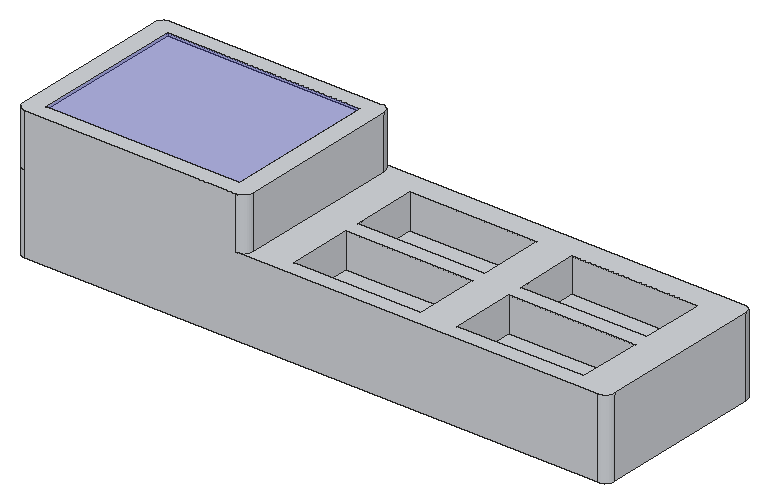
Revit family "Domotics-DomesticRanges-GEWISS-27COMBIDIN_SYSTEM-IP40_8M_16SY", category Apparecchi elettrici, host Superficie, Revit 2016
Family settings
  Host = Superficie
  Mantenere orientamento annotazione = No
  Tipo di parte = Normale
  Quota connettore circolare = Usa diametro
  Taglio con vuoti quando caricato = No
  Condiviso = No
  Punto di calcolo locali = No
Parameters (values of type "GW27073 - Enclosure 8mod.DIN+(4x4)mod. System")
  Version file RFA = "19.4"
  URL = "https://www.gewiss.com/ww/en"
  Type of knockout holes = "Removable with tool"
  Type of enclosure = "GP"
  Torque screws tightening = "0,8NM"
  Thermo-pressure with ball = "70 °C"
  Technical sheet = "https://www.gewiss.com/ww/en/search?q=GW27073"
  Standard; = "EN 60670-1 - EN 60670-24"
  Standard = "EN 60669-2-1"
  Shock resistance = "IK07"
  SEO = "Enclosure"
  Realized by GEWISS S.p.A. = ""
  Rated voltage: = "400V ac"
  Rated current (In) = "32A"
  Default Elevation = 1219.2 mm
  Profondità = 95 mm
  Produttore = "GEWISS S.p.A."
  Output contacts = "1NO 16 A (AC1) 250 V ac"
  Outer dim. LxHxD (mm) = "429x132x95"
  No. knockout holes Ã˜23 = "18 on sides / 2 on the bottom"
  No. knockout holes Ã˜ 23 = "18"
  No. SYSTEM modules = "16"
  No. DIN modules = "8"
  Modello = "GW27073"
  Lid screws = "Stainless steel"
  Larghezza = 429 mm
  Insulation voltage = "750V"
  Insulation class = "II"
  Installation temperature = "-25 +60 °C"
  Immagine tipo = GW27073.jpg
  IP degree = "IP40"
  IFC.TypeObject = ""
  IFC.ExportType = ""
  IFC.ExportAs = ""
  IDT = "6c31ff9f-37c3-42df-829d-006412dd97ed"
  IDF = "ce4d066f-44da-477c-8463-b113b2043b21"
  Glow Wire Test = "650°C"
  Electrocod = "0212"
  EAN code = "8011564055469"
  Door type = "Rigid"
  Door colour: = "Smoked Transparent"
  Dispersible power (W) = "18"
  Descrizione = "ENCLOSURE 8MOD.DIN+(4X4)MOD.SYSTEM"
  Configuration = "Module 4 x 4"
  Compartment pre-arrangement = "2"
  Colour = "Grey RAL 7035"
  Characteristics = "Halogen free"
  Catalogue Range = "27COMBI"
  Catalogue = "DOMOTICS"
  COBie.Tagnumber = ""
  COBie.CreatedOn = ""
  COBie.CreatebBy = ""
  COBie.ComponentRegisterItemID = ""
  COBie.Component.TagNumber = ""
  COBie.Component.Space = ""
  COBie.Component.SerialNumber = ""
  COBie.Component.InstallationDate = ""
  COBie.Component.Description = ""
  COBie.Component.BarCode = ""
  Altezza = 132 mm  # constant formula
Values of the unnamed type that differ from the named types
  Version file RFA = ""
  Type of knockout holes = ""
  Type of enclosure = ""
  Torque screws tightening = ""
  Thermo-pressure with ball = ""
  Technical sheet = ""
  Standard; = ""
  Standard = ""
  Shock resistance = ""
  SEO = ""
  Rated voltage: = ""
  Rated current (In) = ""
  Output contacts = ""
  Outer dim. LxHxD (mm) = ""
  No. knockout holes Ã˜23 = ""
  No. knockout holes Ã˜ 23 = ""
  No. SYSTEM modules = ""
  No. DIN modules = ""
  Lid screws = ""
  Insulation voltage = ""
  Insulation class = ""
  Installation temperature = ""
  IP degree = ""
  IDT = ""
  IDF = ""
  Glow Wire Test = ""
  Electrocod = ""
  EAN code = ""
  Door type = ""
  Door colour: = ""
  Dispersible power (W) = ""
  Configuration = ""
  Compartment pre-arrangement = ""
  Colour = ""
  Characteristics = ""
  Catalogue Range = ""
  Catalogue = ""
Reference planes
  plane 1 "Centro (Fronte/Retro)": y = 0
  plane 2: z = 0
  plane 3 "Centro (Sinistra/Destra)": x = 0
  plane 4 "Piano Allineamento Sportellino": z = 95
  plane 5: x = -2.56
  plane 6: z = 57.066
  plane 7: z = 32.066
  plane 8: z = 70
  plane 9: z = 93
  plane 10: x = 259.467
  plane 11: y = 66.019
  plane 12: y = -65.981
  plane 13: x = -169.533
  plane 14: x = -156.047
  plane 15: x = -155.047
  plane 16: x = -17.047
  plane 17: x = -16.047
  plane 18: y = 54.961
  plane 19: y = -53.961
  plane 20: y = -54.961
  plane 21: x = -16.047
  plane 22: x = -16.047
  plane 23: y = 53.961
  plane 24: x = 23.44
  plane 25: y = 2.72
  plane 26: y = -8.101
  plane 27: x = 115.44
  plane 28: x = 141.44
  plane 29: x = 233.44
Forms (mm)
  Extrusion 1, solid
    sketch origin (0, -451.03, 0) x (1, 0, 0) y (0, 1, 0)
      loop
        line (-9.56, 517.049) -> (-162.533, 517.049)
        arc (-162.533, 517.049) -> (-167.483, 514.999) -> (-169.533, 510.049) r 7
        line (-169.533, 510.049) -> (-169.533, 392.049)
        arc (-169.533, 392.049) -> (-167.483, 387.1) -> (-162.533, 385.049) r 7
        line (-162.533, 385.049) -> (-9.56, 385.049)
        arc (-9.56, 385.049) -> (-4.61, 387.1) -> (-2.56, 392.049) r 7
        line (-2.56, 392.049) -> (-2.56, 510.049)
        arc (-2.56, 510.049) -> (-4.61, 514.999) -> (-9.56, 517.049) r 7
    from 57.066 to 95
  Extrusion 2, solid
    sketch origin (0, 0, 0) x (1, 0, 0) y (0, 1, 0)
      loop
        line (-169.533, 59.019) -> (-169.533, -58.981)
        arc (-169.533, -58.981) -> (-167.483, -63.931) -> (-162.533, -65.981) r 7
        line (-162.533, -65.981) -> (252.467, -65.981)
        arc (252.467, -65.981) -> (257.417, -63.931) -> (259.467, -58.981) r 7
        line (259.467, -58.981) -> (259.467, 59.019)
        arc (259.467, 59.019) -> (257.417, 63.969) -> (252.467, 66.019) r 7
        line (252.467, 66.019) -> (-162.533, 66.019)
        arc (-162.533, 66.019) -> (-167.483, 63.969) -> (-169.533, 59.019) r 7
    from 0 to 57.066
  Extrusion 3, void
    sketch origin (4.989, -5.381, 0) x (1, 0, 0) y (0, 1, 0)
      loop
        line (110.451, -2.72) -> (18.451, -2.72) -> (18.451, -49.58) -> (110.451, -49.58) -> (110.451, -2.72)
    from 32.066 to 57.066
  Extrusion 4, void
    sketch origin (0, 0, 0) x (1, 0, 0) y (0, 1, 0)
      loop
        line (-155.047, 53.961) -> (-155.047, -53.961) -> (-17.047, -53.961) -> (-17.047, 53.961) -> (-155.047, 53.961)
    from 70 to 93
  Extrusion 5, void
    sketch origin (0, 0, 0) x (1, 0, 0) y (0, 1, 0)
      loop
        line (-16.047, 54.961) -> (-156.047, 54.961) -> (-156.047, -54.961) -> (-16.047, -54.961) -> (-16.047, 54.961)
    from 93 to 95
  Extrusion 6, solid, material "GEWISS Sportellino"
    sketch origin (0, 0, 0) x (1, 0, 0) y (0, 1, 0)
      loop
        line (-16.047, 54.961) -> (-156.047, 54.961) -> (-156.047, -54.961) -> (-16.047, -54.961) -> (-16.047, 54.961)
    from 93 to 95
  Extrusion 7, void
    sketch origin (154.989, -5.381, 0) x (1, 0, 0) y (0, 1, 0)
      loop
        line (78.278, -2.72) -> (-13.549, -2.72) -> (-13.549, -49.58) -> (78.278, -49.58) -> (78.278, -2.72)
    from 32.066 to 57.066
  Extrusion 8, void
    sketch origin (4.989, 52.299, 0) x (1, 0, 0) y (0, 1, 0)
      loop
        line (110.451, -2.72) -> (18.451, -2.72) -> (18.451, -49.58) -> (110.451, -49.58) -> (110.451, -2.72)
    from 32.066 to 57.066
  Extrusion 9, void
    sketch origin (154.989, 52.299, 0) x (1, 0, 0) y (0, 1, 0)
      loop
        line (78.278, -2.72) -> (-13.549, -2.72) -> (-13.549, -49.58) -> (78.278, -49.58) -> (78.278, -2.72)
    from 32.066 to 57.066
Cuts and joins
  Extrusion 5, Extrusion 7, Extrusion 8, Extrusion 9 cuts Extrusion 1
  Extrusion 3, Extrusion 4, Extrusion 7, Extrusion 8, Extrusion 9 cuts Extrusion 2
  joined: Extrusion 1, Extrusion 2
Lines and regions (mm)
  Filled region 1, type "GW27071Q.DXF-1", in view "Livello rif."
    outline origin (0, 0, 0) x (1, 0, 0) y (0, 1, 0)
      loop
        line (454.935, -29.653) -> (455.769, -34.653) -> (456.602, -29.653) -> (454.935, -29.653)
  Filled region 2, type "GW27071Q.DXF-1", in view "Livello rif."
    outline origin (0, 0, 0) x (1, 0, 0) y (0, 1, 0)
      loop
        line (454.935, 92.347) -> (456.602, 92.347) -> (455.769, 97.347) -> (454.935, 92.347)
  Filled region 3, type "GW27071Q.DXF-1", in view "Livello rif."
    outline origin (0, 0, 0) x (1, 0, 0) y (0, 1, 0)
      loop
        line (299.985, -59.146) -> (294.985, -59.979) -> (299.985, -60.812) -> (299.985, -59.146)
  Filled region 4, type "GW27071Q.DXF-1", in view "Livello rif."
    outline origin (0, 0, 0) x (1, 0, 0) y (0, 1, 0)
      loop
        line (421.985, -59.146) -> (421.985, -60.812) -> (426.985, -59.979) -> (421.985, -59.146)
  Filled region 5, type "GW27071Q.DXF-1", in view "Livello rif."
    outline origin (0, 0, 0) x (1, 0, 0) y (0, 1, 0)
      loop
        line (314.381, 113.489) -> (309.381, 112.656) -> (314.381, 111.823) -> (314.381, 113.489)
  Filled region 6, type "GW27071Q.DXF-1", in view "Livello rif."
    outline origin (0, 0, 0) x (1, 0, 0) y (0, 1, 0)
      loop
        line (339.381, 113.489) -> (339.381, 111.823) -> (344.381, 112.656) -> (339.381, 113.489)
  Filled region 7, type "GW27071Q.DXF-1", in view "Livello rif."
    outline origin (0, 0, 0) x (1, 0, 0) y (0, 1, 0)
      loop
        line (443.289, 75.924) -> (444.956, 75.924) -> (444.123, 80.924) -> (443.289, 75.924)
  Filled region 8, type "GW27071Q.DXF-1", in view "Livello rif."
    outline origin (0, 0, 0) x (1, 0, 0) y (0, 1, 0)
      loop
        line (443.289, -12.076) -> (444.123, -17.076) -> (444.956, -12.076) -> (443.289, -12.076)
  Filled region 9, type "GW27071Q.DXF-1", in view "Livello rif."
    outline origin (0, 0, 0) x (1, 0, 0) y (0, 1, 0)
      loop
        line (310.985, -49.734) -> (305.985, -50.567) -> (310.985, -51.4) -> (310.985, -49.734)
  Filled region 10, type "GW27071Q.DXF-1", in view "Livello rif."
    outline origin (0, 0, 0) x (1, 0, 0) y (0, 1, 0)
      loop
        line (410.985, -49.734) -> (410.985, -51.4) -> (415.985, -50.567) -> (410.985, -49.734)
  Filled region 11, type "GW27071Q.DXF-1", in view "Livello rif."
    outline origin (0, 0, 0) x (1, 0, 0) y (0, 1, 0)
      loop
        line (247.574, 133.277) -> (247.574, 131.611) -> (252.574, 132.444) -> (247.574, 133.277)
  Filled region 12, type "GW27071Q.DXF-1", in view "Livello rif."
    outline origin (0, 0, 0) x (1, 0, 0) y (0, 1, 0)
      loop
        line (34.505, 133.277) -> (29.505, 132.444) -> (34.505, 131.611) -> (34.505, 133.277)
  Filled region 13, type "GW27071Q.DXF-1", in view "Livello rif."
    outline origin (0, 0, 0) x (1, 0, 0) y (0, 1, 0)
      loop
        line (34.505, 116.721) -> (29.505, 115.888) -> (34.505, 115.054) -> (34.505, 116.721)
  Filled region 14, type "GW27071Q.DXF-1", in view "Livello rif."
    outline origin (0, 0, 0) x (1, 0, 0) y (0, 1, 0)
      loop
        line (54.505, 116.721) -> (54.505, 115.054) -> (59.505, 115.888) -> (54.505, 116.721)
  Filled region 15, type "GW27071Q.DXF-1", in view "Livello rif."
    outline origin (0, 0, 0) x (1, 0, 0) y (0, 1, 0)
      loop
        line (64.505, 116.721) -> (59.505, 115.888) -> (64.505, 115.054) -> (64.505, 116.721)
  Filled region 16, type "GW27071Q.DXF-1", in view "Livello rif."
    outline origin (0, 0, 0) x (1, 0, 0) y (0, 1, 0)
      loop
        line (247.574, 116.721) -> (247.574, 115.054) -> (252.574, 115.888) -> (247.574, 116.721)
  Filled region 17, type "GW27071Q.DXF-1", in view "Livello rif."
    outline origin (0, 0, 0) x (1, 0, 0) y (0, 1, 0)
      loop
        line (228.678, -62.533) -> (228.678, -64.2) -> (233.678, -63.366) -> (228.678, -62.533)
  Filled region 18, type "GW27071Q.DXF-1", in view "Livello rif."
    outline origin (0, 0, 0) x (1, 0, 0) y (0, 1, 0)
      loop
        line (35.009, -62.533) -> (30.009, -63.366) -> (35.009, -64.2) -> (35.009, -62.533)
  Filled region 19, type "GW27071Q.DXF-1", in view "Livello rif."
    outline origin (0, 0, 0) x (1, 0, 0) y (0, 1, 0)
      loop
        line (228.678, -45.003) -> (228.678, -46.67) -> (233.678, -45.836) -> (228.678, -45.003)
  Filled region 20, type "GW27071Q.DXF-1", in view "Livello rif."
    outline origin (0, 0, 0) x (1, 0, 0) y (0, 1, 0)
      loop
        line (59.209, -45.003) -> (54.209, -45.836) -> (59.209, -46.67) -> (59.209, -45.003)
  Filled region 21, type "GW27071Q.DXF-1", in view "Livello rif."
    outline origin (0, 0, 0) x (1, 0, 0) y (0, 1, 0)
      loop
        line (238.678, -44.823) -> (233.678, -45.656) -> (238.678, -46.49) -> (238.678, -44.823)
  Filled region 22, type "GW27071Q.DXF-1", in view "Livello rif."
    outline origin (0, 0, 0) x (1, 0, 0) y (0, 1, 0)
      loop
        line (246.278, -44.823) -> (246.278, -46.49) -> (251.278, -45.656) -> (246.278, -44.823)
  Filled region 23, type "GW27071Q.DXF-1", in view "Livello rif."
    outline origin (0, 0, 0) x (1, 0, 0) y (0, 1, 0)
      loop
        line (406.797, 109.74) -> (406.797, 108.073) -> (411.797, 108.907) -> (406.797, 109.74)
  Filled region 24, type "GW27071Q.DXF-1", in view "Livello rif."
    outline origin (0, 0, 0) x (1, 0, 0) y (0, 1, 0)
      loop
        line (370.797, 109.74) -> (365.797, 108.907) -> (370.797, 108.073) -> (370.797, 109.74)
  Filled region 25, type "GW27071Q.DXF-1", in view "Sinistra"
    outline origin (0, 0, 0) x (0, -1, 0) y (0, 0, 1)
      loop
        line (101.84, 5) -> (100.174, 5) -> (101.007, 0) -> (101.84, 5)
  Filled region 26, type "GW27071Q.DXF-1", in view "Sinistra"
    outline origin (0, 0, 0) x (0, -1, 0) y (0, 0, 1)
      loop
        line (101.84, 90) -> (101.007, 95) -> (100.174, 90) -> (101.84, 90)
  Filled region 27, type "GW27071Q.DXF-1", in view "Sinistra"
    outline origin (0, 0, 0) x (0, -1, 0) y (0, 0, 1)
      loop
        line (85.284, 90) -> (84.451, 95) -> (83.617, 90) -> (85.284, 90)
  Filled region 28, type "GW27071Q.DXF-1", in view "Sinistra"
    outline origin (0, 0, 0) x (0, -1, 0) y (0, 0, 1)
      loop
        line (85.284, 70) -> (83.617, 70) -> (84.451, 65) -> (85.284, 70)
  Filled region 29, type "GW27071Q.DXF-1", in view "Sinistra"
    outline origin (0, 0, 0) x (0, -1, 0) y (0, 0, 1)
      loop
        line (85.284, 60) -> (84.451, 65) -> (83.617, 60) -> (85.284, 60)
  Filled region 30, type "GW27071Q.DXF-1", in view "Sinistra"
    outline origin (0, 0, 0) x (0, -1, 0) y (0, 0, 1)
      loop
        line (85.284, 5) -> (83.617, 5) -> (84.451, 0) -> (85.284, 5)
  Filled region 31, type "GW27071Q.DXF-1", in view "Sinistra"
    outline origin (0, 0, 0) x (0, -1, 0) y (0, 0, 1)
      loop
        line (-93.97, 23.896) -> (-95.637, 23.896) -> (-94.803, 18.896) -> (-93.97, 23.896)
  Filled region 32, type "GW27071Q.DXF-1", in view "Sinistra"
    outline origin (0, 0, 0) x (0, -1, 0) y (0, 0, 1)
      loop
        line (-93.97, 89.496) -> (-94.803, 94.496) -> (-95.637, 89.496) -> (-93.97, 89.496)
  Filled region 33, type "GW27071Q.DXF-1", in view "Sinistra"
    outline origin (0, 0, 0) x (0, -1, 0) y (0, 0, 1)
      loop
        line (-76.44, 23.896) -> (-78.107, 23.896) -> (-77.273, 18.896) -> (-76.44, 23.896)
  Filled region 34, type "GW27071Q.DXF-1", in view "Sinistra"
    outline origin (0, 0, 0) x (0, -1, 0) y (0, 0, 1)
      loop
        line (-76.44, 65.296) -> (-77.273, 70.296) -> (-78.107, 65.296) -> (-76.44, 65.296)
  Filled region 35, type "GW27071Q.DXF-1", in view "Sinistra"
    outline origin (0, 0, 0) x (0, -1, 0) y (0, 0, 1)
      loop
        line (-76.26, 58.896) -> (-77.927, 58.896) -> (-77.093, 18.896) -> (-76.26, 58.896)
  Filled region 36, type "GW27071Q.DXF-1", in view "Sinistra"
    outline origin (0, 0, 0) x (0, -1, 0) y (0, 0, 1)
      loop
        line (-76.26, 51.296) -> (-77.927, 51.296) -> (-77.093, 1.296) -> (-76.26, 51.296)
  Filled region 37, type "GW27071Q.DXF-1", in view "Sinistra", not visible
    outline origin (0, 0, 0) x (0, -1, 0) y (0, 0, 1)
      loop
        line (295.687, 963.746) -> (295.687, 962.08) -> (300.687, 962.913) -> (295.687, 963.746)
  Filled region 38, type "GW27071Q.DXF-1", in view "Sinistra", not visible
    outline origin (0, 0, 0) x (0, -1, 0) y (0, 0, 1)
      loop
        line (210.687, 963.746) -> (205.687, 962.913) -> (210.687, 962.08) -> (210.687, 963.746)
  Filled region 39, type "GW27071Q.DXF-1", in view "Sinistra", not visible
    outline origin (0, 0, 0) x (0, -1, 0) y (0, 0, 1)
      loop
        line (210.687, 947.19) -> (205.687, 946.356) -> (210.687, 945.523) -> (210.687, 947.19)
  Filled region 40, type "GW27071Q.DXF-1", in view "Sinistra", not visible
    outline origin (0, 0, 0) x (0, -1, 0) y (0, 0, 1)
      loop
        line (230.687, 947.19) -> (230.687, 945.523) -> (235.687, 946.356) -> (230.687, 947.19)
  Filled region 41, type "GW27071Q.DXF-1", in view "Sinistra", not visible
    outline origin (0, 0, 0) x (0, -1, 0) y (0, 0, 1)
      loop
        line (240.687, 947.19) -> (235.687, 946.356) -> (240.687, 945.523) -> (240.687, 947.19)
  Filled region 42, type "GW27071Q.DXF-1", in view "Sinistra", not visible
    outline origin (0, 0, 0) x (0, -1, 0) y (0, 0, 1)
      loop
        line (295.687, 947.19) -> (295.687, 945.523) -> (300.687, 946.356) -> (295.687, 947.19)
  Filled region 43, type "GW27071Q.DXF-1", in view "Sinistra", not visible
    outline origin (0, 0, 0) x (0, -1, 0) y (0, 0, 1)
      loop
        line (276.791, 767.936) -> (276.791, 766.269) -> (281.791, 767.103) -> (276.791, 767.936)
  Filled region 44, type "GW27071Q.DXF-1", in view "Sinistra", not visible
    outline origin (0, 0, 0) x (0, -1, 0) y (0, 0, 1)
      loop
        line (211.191, 767.936) -> (206.191, 767.103) -> (211.191, 766.269) -> (211.191, 767.936)
  Filled region 45, type "GW27071Q.DXF-1", in view "Sinistra", not visible
    outline origin (0, 0, 0) x (0, -1, 0) y (0, 0, 1)
      loop
        line (276.791, 785.466) -> (276.791, 783.799) -> (281.791, 784.632) -> (276.791, 785.466)
  Filled region 46, type "GW27071Q.DXF-1", in view "Sinistra", not visible
    outline origin (0, 0, 0) x (0, -1, 0) y (0, 0, 1)
      loop
        line (235.391, 785.466) -> (230.391, 784.632) -> (235.391, 783.799) -> (235.391, 785.466)
  Filled region 47, type "GW27071Q.DXF-1", in view "Sinistra", not visible
    outline origin (0, 0, 0) x (0, -1, 0) y (0, 0, 1)
      loop
        line (286.791, 785.646) -> (281.791, 784.812) -> (286.791, 783.979) -> (286.791, 785.646)
  Filled region 48, type "GW27071Q.DXF-1", in view "Sinistra", not visible
    outline origin (0, 0, 0) x (0, -1, 0) y (0, 0, 1)
      loop
        line (294.391, 785.646) -> (294.391, 783.979) -> (299.391, 784.812) -> (294.391, 785.646)
  model lines, not visible
    curve 1: arc (276.741, -20.994, 0) -> (277.939, -18.365, 0) -> (277.918, -15.476, 0) r 6.7
    curve 2: arc (264.087, -16.92, 0) -> (264.693, -19.757, 0) -> (266.434, -22.078, 0) r 6.754
    curve 3: arc (268.608, -16.92, 0) -> (269.839, -19.067, 0) -> (272.314, -19.095, 0) r 2.493
    curve 4: arc (268.969, -24.605, 0) -> (271.825, -24.886, 0) -> (274.574, -24.062, 0) r 7.427
    curve 5: arc (276.741, -12.853, 0) -> (274.6, -10.93, 0) -> (271.859, -10.052, 0) r 6.874
    curve 6: arc (268.969, -10.326, 0) -> (266.449, -11.778, 0) -> (264.721, -14.118, 0) r 7.102
    curve 7: arc (273.578, -16.92, 0) -> (272.344, -14.78, 0) -> (269.874, -14.755, 0) r 2.491
    curve 8: arc (268.969, -24.605, 0) -> (271.82, -24.986, 0) -> (274.546, -24.065, 0) r 6.329
    curve 9: arc (272.314, 81.969, 0) -> (269.839, 81.941, 0) -> (268.608, 79.794, 0) r 2.493
    curve 10: arc (274.574, 86.936, 0) -> (271.825, 87.76, 0) -> (268.969, 87.479, 0) r 7.427
    curve 11: arc (274.546, 86.939, 0) -> (271.82, 87.86, 0) -> (268.969, 87.479, 0) r 6.329
    curve 12: arc (266.434, 84.952, 0) -> (264.693, 82.631, 0) -> (264.087, 79.794, 0) r 6.754
    curve 13: arc (264.721, 76.992, 0) -> (266.449, 74.652, 0) -> (268.969, 73.2, 0) r 7.102
    curve 14: arc (277.918, 78.35, 0) -> (277.939, 81.239, 0) -> (276.741, 83.868, 0) r 6.7
    curve 15: arc (269.874, 77.629, 0) -> (272.344, 77.654, 0) -> (273.578, 79.794, 0) r 2.491
    curve 16: arc (271.859, 72.926, 0) -> (274.6, 73.804, 0) -> (276.741, 75.727, 0) r 6.874
    curve 17: arc (159.373, -19.095, 0) -> (161.848, -19.067, 0) -> (163.079, -16.92, 0) r 2.493
    curve 18: arc (157.113, -24.062, 0) -> (159.862, -24.886, 0) -> (162.719, -24.605, 0) r 7.427
    curve 19: arc (157.142, -24.065, 0) -> (159.867, -24.986, 0) -> (162.719, -24.605, 0) r 6.329
    curve 20: arc (165.253, -22.078, 0) -> (166.994, -19.757, 0) -> (167.601, -16.92, 0) r 6.754
    curve 21: arc (166.966, -14.118, 0) -> (165.239, -11.778, 0) -> (162.719, -10.326, 0) r 7.102
    curve 22: arc (153.769, -15.476, 0) -> (153.748, -18.365, 0) -> (154.946, -20.994, 0) r 6.7
    curve 23: arc (161.813, -14.755, 0) -> (159.343, -14.78, 0) -> (158.11, -16.92, 0) r 2.491
    curve 24: arc (159.828, -10.052, 0) -> (157.087, -10.93, 0) -> (154.946, -12.853, 0) r 6.874
    curve 25: arc (154.946, 75.727, 0) -> (157.087, 73.804, 0) -> (159.828, 72.926, 0) r 6.874
    curve 26: arc (162.719, 73.2, 0) -> (165.239, 74.652, 0) -> (166.966, 76.992, 0) r 7.102
    curve 27: arc (162.719, 87.479, 0) -> (159.867, 87.86, 0) -> (157.142, 86.939, 0) r 6.329
    curve 28: arc (162.719, 87.479, 0) -> (159.862, 87.76, 0) -> (157.113, 86.936, 0) r 7.427
    curve 29: arc (163.079, 79.794, 0) -> (161.848, 81.941, 0) -> (159.373, 81.969, 0) r 2.493
    curve 30: arc (167.601, 79.794, 0) -> (166.994, 82.631, 0) -> (165.253, 84.952, 0) r 6.754
    curve 31: arc (158.11, 79.794, 0) -> (159.343, 77.654, 0) -> (161.813, 77.629, 0) r 2.491
    curve 32: arc (154.946, 83.868, 0) -> (153.748, 81.239, 0) -> (153.769, 78.35, 0) r 6.7
    curve 33: line (266.434, -22.078, 0) -> (264.087, -16.92, 0)
    curve 34: line (277.918, -15.476, 0) -> (276.741, -20.994, 0)
    curve 35: line (272.314, -19.095, 0) -> (268.608, -16.92, 0)
    curve 36: line (274.574, -24.062, 0) -> (268.969, -24.605, 0)
    curve 37: line (271.859, -10.052, 0) -> (276.741, -12.853, 0)
    curve 38: line (264.721, -14.118, 0) -> (268.969, -10.326, 0)
    curve 39: line (269.874, -14.755, 0) -> (273.578, -16.92, 0)
    curve 40: line (272.314, 81.969, 0) -> (268.608, 79.794, 0)
    curve 41: line (274.574, 86.936, 0) -> (268.969, 87.479, 0)
    curve 42: line (266.434, 84.952, 0) -> (264.087, 79.794, 0)
    curve 43: line (264.721, 76.992, 0) -> (268.969, 73.2, 0)
    curve 44: line (277.918, 78.35, 0) -> (276.741, 83.868, 0)
    curve 45: line (269.874, 77.629, 0) -> (273.578, 79.794, 0)
    curve 46: line (271.859, 72.926, 0) -> (276.741, 75.727, 0)
    curve 47: line (159.373, -19.095, 0) -> (163.079, -16.92, 0)
    curve 48: line (157.113, -24.062, 0) -> (162.719, -24.605, 0)
    curve 49: line (165.253, -22.078, 0) -> (167.601, -16.92, 0)
    curve 50: line (166.966, -14.118, 0) -> (162.719, -10.326, 0)
    curve 51: line (153.769, -15.476, 0) -> (154.946, -20.994, 0)
    curve 52: line (161.813, -14.755, 0) -> (158.11, -16.92, 0)
    curve 53: line (159.828, -10.052, 0) -> (154.946, -12.853, 0)
    curve 54: line (159.828, 72.926, 0) -> (154.946, 75.727, 0)
    curve 55: line (166.966, 76.992, 0) -> (162.719, 73.2, 0)
    curve 56: line (157.142, 86.939, 0) -> (162.719, 87.479, 0)
    curve 57: line (159.373, 81.969, 0) -> (163.079, 79.794, 0)
    curve 58: line (165.253, 84.952, 0) -> (167.601, 79.794, 0)
    curve 59: line (161.813, 77.629, 0) -> (158.11, 79.794, 0)
    curve 60: line (153.769, 78.35, 0) -> (154.946, 83.868, 0)
    curve 61: line (202.275, 95.384, 0) -> (202.275, 85.351, 0)
    curve 62: line (207.021, 90.368, 0) -> (197.53, 90.368, 0)
    curve 63: line (202.275, -32.51, 0) -> (202.275, -22.477, 0)
    curve 64: line (207.021, -27.493, 0) -> (197.53, -27.493, 0)
    curve 65: line (275.615, -32.51, 0) -> (275.615, -22.477, 0)
    curve 66: line (280.356, -27.498, 0) -> (270.845, -27.498, 0)
    curve 67: line (275.615, 95.384, 0) -> (275.615, 85.351, 0)
    curve 68: line (280.356, 90.372, 0) -> (270.865, 90.372, 0)
    curve 69: line (156.072, -32.51, 0) -> (156.072, -22.477, 0)
    curve 70: line (151.331, -27.498, 0) -> (160.845, -27.498, 0)
    curve 71: line (156.072, 95.384, 0) -> (156.072, 85.351, 0)
    curve 72: line (151.331, 90.372, 0) -> (160.822, 90.372, 0)
    curve 73: line (289.744, 31.437, 0) -> (142.831, 31.437, 0)
    curve 74: arc (156.804, 97.456, 0) -> (151.809, 95.377, 0) -> (149.765, 90.368, 0) r 7.039
    curve 75: arc (195.602, -22.524, 0) -> (181.766, -8.688, 0) -> (167.931, -22.524, 0) r 13.836
    curve 76: arc (196.241, -22.524, 0) -> (198.363, -21.645, 0) -> (199.241, -19.524, 0) r 3
    curve 77: arc (199.241, 82.398, 0) -> (198.363, 84.519, 0) -> (196.241, 85.398, 0) r 3
    curve 78: circle (202.275, 90.368, 0) r 2.983 normal (0, 0, 1)
    curve 79: circle (202.275, -27.493, 0) r 2.983 normal (0, 0, 1)
    curve 80: arc (213.717, 90.368, 0) -> (211.673, 95.377, 0) -> (206.678, 97.456, 0) r 7.039
    curve 81: arc (149.765, -27.493, 0) -> (151.559, -32.237, 0) -> (156.075, -34.544, 0) r 7.039
    curve 82: arc (206.678, -34.582, 0) -> (211.673, -32.503, 0) -> (213.717, -27.493, 0) r 7.039
    curve 83: arc (281.922, 90.368, 0) -> (279.878, 95.377, 0) -> (274.883, 97.456, 0) r 7.039
    curve 84: arc (274.883, -34.582, 0) -> (279.878, -32.503, 0) -> (281.922, -27.493, 0) r 7.039
    curve 85: arc (222.657, 27.687, 0) -> (221.243, 27.101, 0) -> (220.657, 25.687, 0) r 2
    curve 86: arc (266.657, 25.687, 0) -> (266.072, 27.101, 0) -> (264.657, 27.687, 0) r 2
    curve 87: arc (266.657, 22.687, 0) -> (266.072, 24.101, 0) -> (264.657, 24.687, 0) r 2
    curve 88: arc (264.657, -20.313, 0) -> (266.072, -19.727, 0) -> (266.657, -18.313, 0) r 2
    curve 89: arc (220.657, -18.313, 0) -> (221.243, -19.727, 0) -> (222.657, -20.313, 0) r 2
    curve 90: arc (244.109, -18.327, 0) -> (244.648, -19.498, 0) -> (245.647, -20.313, 0) r 2.858
    curve 91: arc (241.574, -20.313, 0) -> (242.573, -19.498, 0) -> (243.112, -18.327, 0) r 2.858
    curve 92: arc (222.657, 24.687, 0) -> (221.243, 24.101, 0) -> (220.657, 22.687, 0) r 2
    curve 93: arc (243.112, 22.701, 0) -> (242.573, 23.872, 0) -> (241.574, 24.687, 0) r 2.858
    curve 94: arc (245.647, 24.687, 0) -> (244.648, 23.872, 0) -> (244.109, 22.701, 0) r 2.858
    curve 95: arc (220.657, 37.187, 0) -> (221.243, 35.773, 0) -> (222.657, 35.187, 0) r 2
    curve 96: arc (222.657, 80.187, 0) -> (221.243, 79.601, 0) -> (220.657, 78.187, 0) r 2
    curve 97: arc (222.657, 83.187, 0) -> (221.243, 82.601, 0) -> (220.657, 81.187, 0) r 2
    curve 98: circle (275.611, -27.498, 0) r 2.983 normal (0, 0, 1)
    curve 99: circle (275.611, 90.372, 0) r 2.983 normal (0, 0, 1)
    curve 100: arc (241.574, 35.187, 0) -> (242.573, 36.002, 0) -> (243.112, 37.173, 0) r 2.858
    curve 101: arc (244.109, 37.173, 0) -> (244.648, 36.002, 0) -> (245.647, 35.187, 0) r 2.858
    curve 102: arc (245.647, 80.187, 0) -> (244.648, 79.372, 0) -> (244.109, 78.201, 0) r 2.858
    curve 103: arc (243.112, 78.201, 0) -> (242.573, 79.372, 0) -> (241.574, 80.187, 0) r 2.858
    curve 104: arc (264.657, 35.187, 0) -> (266.072, 35.773, 0) -> (266.657, 37.187, 0) r 2
    curve 105: arc (266.657, 78.187, 0) -> (266.072, 79.601, 0) -> (264.657, 80.187, 0) r 2
    curve 106: arc (266.657, 81.187, 0) -> (266.072, 82.601, 0) -> (264.657, 83.187, 0) r 2
    curve 107: circle (156.077, -27.498, 0) r 2.983 normal (0, 0, 1)
    curve 108: arc (164.241, -19.524, 0) -> (165.12, -21.645, 0) -> (167.241, -22.524, 0) r 3
    curve 109: circle (156.077, 90.372, 0) r 2.983 normal (0, 0, 1)
    curve 110: arc (167.241, 85.398, 0) -> (165.12, 84.519, 0) -> (164.241, 82.398, 0) r 3
    curve 111: line (281.845, -27.493, 0) -> (281.845, 90.368, 0)
    curve 112: line (275.613, -34.544, 0) -> (156.075, -34.544, 0)
    curve 113: line (149.755, 90.368, 0) -> (149.755, -27.493, 0)
    curve 114: line (213.728, 90.368, 0) -> (213.728, -27.493, 0)
    curve 115: line (196.241, -22.524, 0) -> (167.241, -22.524, 0)
    curve 116: line (167.241, 85.398, 0) -> (196.241, 85.398, 0)
    curve 117: line (164.241, -19.524, 0) -> (164.241, 82.398, 0)
    curve 118: line (188.195, -2.552, 0) -> (193.792, -2.552, 0)
    curve 119: line (188.195, 8.478, 0) -> (193.792, 8.478, 0)
    curve 120: line (199.241, -19.524, 0) -> (199.241, 82.398, 0)
    curve 121: line (164.241, 65.427, 0) -> (199.241, 65.427, 0)
    curve 122: line (164.241, 54.396, 0) -> (199.241, 54.396, 0)
    curve 123: line (164.241, 8.478, 0) -> (199.241, 8.478, 0)
    curve 124: line (164.241, -2.552, 0) -> (199.241, -2.552, 0)
    curve 125: line (164.241, -15.562, 0) -> (199.241, -15.562, 0)
    curve 126: line (200.141, 92.451, 0) -> (204.41, 88.284, 0)
    curve 127: line (200.141, -29.577, 0) -> (204.41, -25.41, 0)
    curve 128: line (274.883, 97.456, 0) -> (156.804, 97.456, 0)
    curve 129: line (220.657, -18.313, 0) -> (220.657, 24.687, 0)
    curve 130: line (220.657, 24.687, 0) -> (220.657, 25.687, 0)
    curve 131: line (266.657, 25.687, 0) -> (266.657, -18.313, 0)
    curve 132: line (225.668, -20.313, 0) -> (225.668, -18.327, 0)
    curve 133: line (225.668, -18.327, 0) -> (239.681, -18.327, 0)
    curve 134: line (239.681, -18.327, 0) -> (239.681, -20.313, 0)
    curve 135: line (264.657, -20.313, 0) -> (222.657, -20.313, 0)
    curve 136: line (247.634, -20.313, 0) -> (247.634, -18.327, 0)
    curve 137: line (247.634, -18.327, 0) -> (261.647, -18.327, 0)
    curve 138: line (261.647, -18.327, 0) -> (261.647, -20.313, 0)
    curve 139: line (243.112, -18.327, 0) -> (244.109, -18.327, 0)
    curve 140: line (244.109, -18.327, 0) -> (243.112, -18.327, 0)
    curve 141: line (225.668, 24.687, 0) -> (225.668, 22.701, 0)
    curve 142: line (225.668, 22.701, 0) -> (239.681, 22.701, 0)
    curve 143: line (239.681, 22.701, 0) -> (239.681, 24.687, 0)
    curve 144: line (222.657, 24.687, 0) -> (264.657, 24.687, 0)
    curve 145: line (247.634, 24.687, 0) -> (247.634, 22.701, 0)
    curve 146: line (247.634, 22.701, 0) -> (261.647, 22.701, 0)
    curve 147: line (261.647, 22.701, 0) -> (261.647, 24.687, 0)
    curve 148: line (243.112, 22.701, 0) -> (244.109, 22.701, 0)
    curve 149: line (244.109, 22.701, 0) -> (243.112, 22.701, 0)
    curve 150: line (220.657, 37.187, 0) -> (220.657, 80.187, 0)
    curve 151: line (220.657, 80.187, 0) -> (220.657, 81.187, 0)
    curve 152: line (222.657, 27.687, 0) -> (264.657, 27.687, 0)
    curve 153: line (222.657, 35.187, 0) -> (264.657, 35.187, 0)
    curve 154: line (264.657, 35.187, 0) -> (222.657, 35.187, 0)
    curve 155: line (264.657, 80.187, 0) -> (222.657, 80.187, 0)
    curve 156: line (222.657, 80.187, 0) -> (264.657, 80.187, 0)
    curve 157: line (273.476, -29.582, 0) -> (277.745, -25.414, 0)
    curve 158: line (273.476, 92.456, 0) -> (277.745, 88.288, 0)
    curve 159: line (247.634, 80.187, 0) -> (247.634, 78.201, 0)
    curve 160: line (247.634, 78.201, 0) -> (261.647, 78.201, 0)
    curve 161: line (261.647, 78.201, 0) -> (261.647, 80.187, 0)
    curve 162: line (222.657, 83.187, 0) -> (264.657, 83.187, 0)
    curve 163: line (247.634, 35.187, 0) -> (247.634, 37.173, 0)
    curve 164: line (247.634, 37.173, 0) -> (261.647, 37.173, 0)
    curve 165: line (261.647, 37.173, 0) -> (261.647, 35.187, 0)
    curve 166: line (225.668, 35.187, 0) -> (225.668, 37.173, 0)
    curve 167: line (225.668, 37.173, 0) -> (239.681, 37.173, 0)
    curve 168: line (239.681, 37.173, 0) -> (239.681, 35.187, 0)
    curve 169: line (244.109, 37.173, 0) -> (243.112, 37.173, 0)
    curve 170: line (243.112, 37.173, 0) -> (244.109, 37.173, 0)
    curve 171: line (225.668, 80.187, 0) -> (225.668, 78.201, 0)
    curve 172: line (225.668, 78.201, 0) -> (239.681, 78.201, 0)
    curve 173: line (239.681, 78.201, 0) -> (239.681, 80.187, 0)
    curve 174: line (244.109, 78.201, 0) -> (243.112, 78.201, 0)
    curve 175: line (243.112, 78.201, 0) -> (244.109, 78.201, 0)
    curve 176: line (266.657, 81.187, 0) -> (266.657, 37.187, 0)
    curve 177: line (158.211, -29.582, 0) -> (153.942, -25.414, 0)
    curve 178: line (158.211, 92.456, 0) -> (153.942, 88.288, 0)
    curve 179: line (283.203, -34.653, 0) -> (311.879, -34.653, 0)
    curve 180: line (283.203, 97.347, 0) -> (311.879, 97.347, 0)
    curve 181: line (310.629, -29.653, 0) -> (310.629, 92.347, 0)
    curve 182: line (309.796, -29.653, 0) -> (311.463, -29.653, 0)
    curve 183: line (311.463, -29.653, 0) -> (310.629, -34.653, 0)
    curve 184: line (310.629, -34.653, 0) -> (309.796, -29.653, 0)
    curve 185: line (309.796, 92.347, 0) -> (311.463, 92.347, 0)
    curve 186: line (311.463, 92.347, 0) -> (310.629, 97.347, 0)
    curve 187: line (310.629, 97.347, 0) -> (309.796, 92.347, 0)
    curve 188: line (149.845, -38.932, 0) -> (149.845, -61.229, 0)
    curve 189: line (281.845, -38.932, 0) -> (281.845, -61.229, 0)
    curve 190: line (154.845, -59.979, 0) -> (276.845, -59.979, 0)
    curve 191: line (154.845, -59.146, 0) -> (154.845, -60.812, 0)
    curve 192: line (154.845, -60.812, 0) -> (149.845, -59.979, 0)
    curve 193: line (149.845, -59.979, 0) -> (154.845, -59.146, 0)
    curve 194: line (276.845, -59.146, 0) -> (276.845, -60.812, 0)
    curve 195: line (276.845, -60.812, 0) -> (281.845, -59.979, 0)
    curve 196: line (281.845, -59.979, 0) -> (276.845, -59.146, 0)
    curve 197: line (164.241, 91.052, 0) -> (164.241, 113.906, 0)
    curve 198: line (199.241, 91.052, 0) -> (199.241, 113.906, 0)
    curve 199: line (169.241, 112.656, 0) -> (194.241, 112.656, 0)
    curve 200: line (169.241, 113.489, 0) -> (169.241, 111.823, 0)
    curve 201: line (169.241, 111.823, 0) -> (164.241, 112.656, 0)
    curve 202: line (164.241, 112.656, 0) -> (169.241, 113.489, 0)
    curve 203: line (194.241, 113.489, 0) -> (194.241, 111.823, 0)
    curve 204: line (194.241, 111.823, 0) -> (199.241, 112.656, 0)
    curve 205: line (199.241, 112.656, 0) -> (194.241, 113.489, 0)
    curve 206: line (271.876, 80.924, 0) -> (300.233, 80.924, 0)
    curve 207: line (271.876, -17.076, 0) -> (300.233, -17.076, 0)
    curve 208: line (298.983, 75.924, 0) -> (298.983, -12.076, 0)
    curve 209: line (298.15, 75.924, 0) -> (299.817, 75.924, 0)
    curve 210: line (299.817, 75.924, 0) -> (298.983, 80.924, 0)
    curve 211: line (298.983, 80.924, 0) -> (298.15, 75.924, 0)
    curve 212: line (298.15, -12.076, 0) -> (299.817, -12.076, 0)
    curve 213: line (299.817, -12.076, 0) -> (298.983, -17.076, 0)
    curve 214: line (298.983, -17.076, 0) -> (298.15, -12.076, 0)
    curve 215: line (160.845, -18.231, 0) -> (160.845, -51.817, 0)
    curve 216: line (270.845, -18.233, 0) -> (270.845, -51.817, 0)
    curve 217: line (165.845, -50.567, 0) -> (265.845, -50.567, 0)
    curve 218: line (165.845, -49.734, 0) -> (165.845, -51.4, 0)
    curve 219: line (165.845, -51.4, 0) -> (160.845, -50.567, 0)
    curve 220: line (160.845, -50.567, 0) -> (165.845, -49.734, 0)
    curve 221: line (265.845, -49.734, 0) -> (265.845, -51.4, 0)
    curve 222: line (265.845, -51.4, 0) -> (270.845, -50.567, 0)
    curve 223: line (270.845, -50.567, 0) -> (265.845, -49.734, 0)
    curve 224: line (266.657, 86.812, 0) -> (266.657, 110.157, 0)
    curve 225: line (220.657, 86.812, 0) -> (220.657, 110.157, 0)
    curve 226: line (261.657, 108.907, 0) -> (225.657, 108.907, 0)
    curve 227: line (261.657, 109.74, 0) -> (261.657, 108.073, 0)
    curve 228: line (261.657, 108.073, 0) -> (266.657, 108.907, 0)
    curve 229: line (266.657, 108.907, 0) -> (261.657, 109.74, 0)
    curve 230: line (225.657, 109.74, 0) -> (225.657, 108.073, 0)
    curve 231: line (225.657, 108.073, 0) -> (220.657, 108.907, 0)
    curve 232: line (220.657, 108.907, 0) -> (225.657, 109.74, 0)
    curve 233: line (0, -311.602, 861.906) -> (0, -192.401, 861.906)
    curve 234: arc (0, -205.683, 811.925) -> (0, -207.775, 803.307) -> (0, -214.276, 797.275) r 15.387
    curve 235: circle (0, -283.557, 889.656) r 10.896 normal (-1, 0, 0)
    curve 236: circle (0, -283.574, 833.883) r 10.896 normal (-1, 0, 0)
    curve 237: arc (0, -281.791, 877.377) -> (0, -282.669, 875.256) -> (0, -284.791, 874.377) r 3
    curve 238: arc (0, -290.474, 871.377) -> (0, -289.595, 873.499) -> (0, -287.474, 874.377) r 3
    curve 239: arc (0, -287.474, 849.434) -> (0, -289.595, 850.313) -> (0, -290.474, 852.434) r 3
    curve 240: arc (0, -284.791, 849.434) -> (0, -282.669, 848.555) -> (0, -281.791, 846.434) r 3
    curve 241: line (0, -299.423, 798.454) -> (0, -299.236, 797.549)
    curve 242: line (0, -299.236, 797.549) -> (0, -298.694, 796.735)
    curve 243: line (0, -298.694, 796.735) -> (0, -297.885, 796.192)
    curve 244: line (0, -297.885, 796.192) -> (0, -296.888, 796.011)
    curve 245: line (0, -296.888, 796.011) -> (0, -266.7, 796.467)
    curve 246: line (0, -266.7, 796.467) -> (0, -266.7, 927.345)
    curve 247: line (0, -266.7, 927.345) -> (0, -296.888, 927.801)
    curve 248: line (0, -296.888, 927.801) -> (0, -297.885, 927.619)
    curve 249: line (0, -297.885, 927.619) -> (0, -298.694, 927.076)
    curve 250: line (0, -298.694, 927.076) -> (0, -299.236, 926.263)
    curve 251: line (0, -299.236, 926.263) -> (0, -299.423, 925.272)
    curve 252: line (0, -299.423, 925.272) -> (0, -299.423, 798.454)
    curve 253: line (0, -285.497, 917.311) -> (0, -299.423, 917.311)
    curve 254: line (0, -299.423, 917.311) -> (0, -300.687, 917.311)
    curve 255: line (0, -300.687, 917.311) -> (0, -300.687, 806.406)
    curve 256: line (0, -300.687, 806.406) -> (0, -299.423, 806.406)
    curve 257: line (0, -299.423, 806.406) -> (0, -285.497, 806.406)
    curve 258: line (0, -236.234, 905.567) -> (0, -235.692, 898.061)
    curve 259: line (0, -235.692, 898.061) -> (0, -235.692, 861.906)
    curve 260: line (0, -235.692, 861.906) -> (0, -235.692, 825.75)
    curve 261: line (0, -235.692, 825.75) -> (0, -235.692, 861.906)
    curve 262: line (0, -266.7, 927.345) -> (0, -214.276, 926.443)
    curve 263: line (0, -214.276, 926.443) -> (0, -213.372, 926.354)
    curve 264: line (0, -213.372, 926.354) -> (0, -214.276, 926.443)
    curve 265: line (0, -266.7, 903.847) -> (0, -299.423, 903.847)
    curve 266: line (0, -299.423, 875.916) -> (0, -266.7, 875.916)
    curve 267: line (0, -285.497, 903.847) -> (0, -285.497, 927.629)
    curve 268: line (0, -299.423, 905.379) -> (0, -285.497, 905.379)
    curve 269: line (0, -285.497, 908.363) -> (0, -299.423, 908.363)
    curve 270: line (0, -299.423, 911.345) -> (0, -285.497, 911.345)
    curve 271: line (0, -285.497, 914.329) -> (0, -299.423, 914.329)
    curve 272: line (0, -285.497, 920.389) -> (0, -299.423, 920.389)
    curve 273: line (0, -299.423, 923.372) -> (0, -285.497, 923.372)
    curve 274: line (0, -285.497, 926.354) -> (0, -299.236, 926.354)
    curve 275: line (0, -299.236, 797.463) -> (0, -285.497, 797.463)
    curve 276: line (0, -285.497, 800.446) -> (0, -299.423, 800.446)
    curve 277: line (0, -299.423, 803.423) -> (0, -285.497, 803.423)
    curve 278: line (0, -299.423, 809.483) -> (0, -285.497, 809.483)
    curve 279: line (0, -285.497, 812.466) -> (0, -299.423, 812.466)
    curve 280: line (0, -299.423, 815.449) -> (0, -285.497, 815.449)
    curve 281: line (0, -285.497, 818.432) -> (0, -299.423, 818.432)
    curve 282: line (0, -285.497, 819.965) -> (0, -285.497, 796.183)
    curve 283: line (0, -266.7, 847.896) -> (0, -299.423, 847.896)
    curve 284: line (0, -299.423, 819.965) -> (0, -266.7, 819.965)
    curve 285: line (0, -266.7, 921.833) -> (0, -285.497, 921.833)
    curve 286: line (0, -285.497, 801.979) -> (0, -266.7, 801.979)
    curve 287: line (0, -285.497, 847.896) -> (0, -285.497, 875.916)
    curve 288: line (0, -285.497, 852.866) -> (0, -299.423, 852.866)
    curve 289: line (0, -299.423, 855.942) -> (0, -285.497, 855.942)
    curve 290: line (0, -285.497, 858.925) -> (0, -299.423, 858.925)
    curve 291: line (0, -299.423, 861.909) -> (0, -285.497, 861.909)
    curve 292: line (0, -285.497, 864.893) -> (0, -299.423, 864.893)
    curve 293: line (0, -299.423, 867.876) -> (0, -285.497, 867.876)
    curve 294: line (0, -285.497, 873.836) -> (0, -299.423, 873.836)
    curve 295: line (0, -299.423, 870.852) -> (0, -285.497, 870.852)
    curve 296: line (0, -285.497, 849.882) -> (0, -299.423, 849.882)
    curve 297: line (0, -290.474, 856.21) -> (0, -290.474, 852.434)
    curve 298: line (0, -290.474, 864.705) -> (0, -290.474, 859.107)
    curve 299: line (0, -290.474, 871.377) -> (0, -290.474, 867.507)
    curve 300: line (0, -284.791, 874.377) -> (0, -287.474, 874.377)
    curve 301: line (0, -281.791, 877.377) -> (0, -281.791, 878.992)
    curve 302: line (0, -214.276, 797.275) -> (0, -266.7, 796.467)
    curve 303: line (0, -213.64, 911.888) -> (0, -217.259, 911.888)
    curve 304: line (0, -217.259, 911.888) -> (0, -207.24, 911.888)
    curve 305: line (0, -230.391, 884.41) -> (0, -235.692, 884.41)
    curve 306: line (0, -235.692, 884.41) -> (0, -231.719, 884.41)
    curve 307: line (0, -231.719, 839.401) -> (0, -235.692, 839.401)
    curve 308: line (0, -235.692, 839.401) -> (0, -230.391, 839.401)
    curve 309: line (0, -237.685, 914.871) -> (0, -236.234, 905.567)
    curve 310: line (0, -236.234, 905.567) -> (0, -237.685, 914.871)
    curve 311: line (0, -237.685, 914.871) -> (0, -240.308, 922.917)
    curve 312: line (0, -240.308, 922.917) -> (0, -243.621, 926.948)
    curve 313: line (0, -284.791, 849.434) -> (0, -287.474, 849.434)
    curve 314: line (0, -281.791, 846.434) -> (0, -281.791, 844.632)
    curve 315: line (0, -217.259, 911.888) -> (0, -230.391, 897.365)
    curve 316: line (0, -230.391, 897.365) -> (0, -230.391, 826.447)
    curve 317: line (0, -230.391, 826.447) -> (0, -217.259, 811.925)
    curve 318: line (0, -217.259, 811.925) -> (0, -205.683, 811.925)
    curve 319: line (0, -235.692, 825.75) -> (0, -236.234, 818.245)
    curve 320: line (0, -236.234, 818.245) -> (0, -237.685, 808.941)
    curve 321: line (0, -237.685, 808.941) -> (0, -236.234, 818.245)
    curve 322: line (0, -237.685, 808.941) -> (0, -240.308, 800.894)
    curve 323: line (0, -240.308, 800.894) -> (0, -243.655, 796.822)
    curve 324: line (0, -300.687, 947.606) -> (0, -300.687, 928.55)
    curve 325: line (0, -300.687, 928.55) -> (0, -300.687, 964.163)
    curve 326: line (0, -205.683, 811.925) -> (0, -205.683, 901.172)
Text (mm)
  text "132" at (215.845, -60.087, 0), in view "Livello rif.", not visible
  text "98" at (299.329, 31.924, 0), in view "Livello rif.", not visible
  text "110" at (215.845, -50.675, 0), in view "Livello rif.", not visible
  text "95" at (0, -100.899, 47.5), in view "Sinistra"
  text "30" at (0, -84.342, 80), in view "Sinistra"
  text "65" at (0, -84.342, 32.5), in view "Sinistra"
  text "75,6" at (0, 94.495, 56.696), in view "Sinistra"
  text "51,4" at (0, 76.965, 44.596), in view "Sinistra"
  text "17,6" at (0, 76.785, 10.096), in view "Sinistra"
  text "95" at (0, -253.187, 962.805), in view "Sinistra", not visible
  text "30" at (0, -220.687, 946.248), in view "Sinistra", not visible
  text "65" at (0, -268.187, 946.248), in view "Sinistra", not visible
  text "75,6" at (0, -243.991, 767.411), in view "Sinistra", not visible
  text "51,4" at (0, -256.091, 784.941), in view "Sinistra", not visible
  text "17,6" at (0, -290.591, 785.121), in view "Sinistra", not visible
Dimensions and locks
  "Profondità": plane 4 "Piano Allineamento Sportellino" to host face
  locked: plane 4 "Piano Allineamento Sportellino" to plane 6 at 37.934
  locked: plane 6 to plane 7 at 25
  locked: plane 4 "Piano Allineamento Sportellino" to plane 8 at 25
  locked: plane 4 "Piano Allineamento Sportellino" to plane 9 at 2
  locked: plane 14 to plane 15 at 1
  locked: plane 19 to plane 20 at 1
  locked: plane 23 to plane 18 at 1
  locked: plane 16 to plane 22 at 1
  locked: plane 13 to plane 14 at 13.487
  locked: plane 1 "Centro (Fronte/Retro)" to plane 26 at 8.101
  locked: plane 25 to plane 1 "Centro (Fronte/Retro)" at 2.72
  "Altezza": plane 12 to plane 11
  plane 13 to plane 3 "Centro (Sinistra/Destra)" = 169.533 mm
  "Larghezza": plane 13 to plane 10
  locked: plane 14 to plane 22 at 140
  locked: plane 24 to plane 27 at 92
  locked: plane 28 to plane 29 at 92
  plane 5 to plane 24 = 26 mm
  plane 27 to plane 28 = 26 mm
  plane 29 to plane 10 = 26.027 mm
  aligned and locked: plane 2 to host face
  aligned and locked: level to host face
  aligned and locked: plane 4 "Piano Allineamento Sportellino" to Extrusion 1
  aligned and locked: plane 6 to Extrusion 2
  aligned and locked: Extrusion 1 to plane 6
  aligned and locked: Extrusion 3 to plane 7
  aligned and locked: Extrusion 4 to plane 8
  aligned and locked: plane 4 "Piano Allineamento Sportellino" to Extrusion 5
  aligned and locked: Extrusion 5 to plane 9
  aligned and locked: plane 4 "Piano Allineamento Sportellino" to Extrusion 6
  aligned and locked: Extrusion 6 to plane 9
  aligned and locked: Extrusion 2 sketch curve to plane 10
  aligned and locked: plane 12 to Extrusion 2 sketch curve
  aligned and locked: Extrusion 1 sketch curve to plane 11
  aligned and locked: Extrusion 1 sketch curve to plane 13
  aligned and locked: Extrusion 1 sketch curve to plane 12
  aligned and locked: Extrusion 1 sketch curve to plane 5
  aligned and locked: Extrusion 2 sketch curve to plane 13
  aligned and locked: plane 14 to Extrusion 6 sketch curve
  aligned and locked: plane 20 to Extrusion 6 sketch curve
  aligned and locked: plane 22 to Extrusion 6 sketch curve
  aligned and locked: Extrusion 5 sketch curve to plane 18
  aligned and locked: Extrusion 5 sketch curve to plane 14
  aligned and locked: Extrusion 5 sketch curve to plane 20
  aligned and locked: Extrusion 5 sketch curve to plane 22
  aligned and locked: Extrusion 4 sketch curve to plane 23
  aligned and locked: plane 15 to Extrusion 4 sketch curve
  aligned and locked: plane 19 to Extrusion 4 sketch curve
  aligned and locked: Extrusion 4 sketch curve to plane 16
  aligned and locked: Extrusion 2 sketch curve to plane 11
  aligned and locked: plane 24 to Extrusion 3
  aligned and locked: plane 27 to Extrusion 3
  aligned and locked: Extrusion 5 to Extrusion 3
  aligned and locked: Extrusion 7 to plane 20
  aligned and locked: plane 6 to Extrusion 7
  aligned and locked: plane 6 to Extrusion 9
  aligned and locked: plane 6 to Extrusion 3
  aligned and locked: plane 6 to Extrusion 8
  aligned and locked: plane 9 to Extrusion 4
Automatic sketch dimensions
  Filled region 37 sketch curve to Filled region 37 sketch curve = 5 mm
  Filled region 37 sketch curve to Filled region 37 sketch curve = 0.833 mm
  Filled region 37 sketch curve to Filled region 37 sketch curve = 1.667 mm
  Filled region 38 sketch curve to Filled region 38 sketch curve = 5 mm
  Filled region 38 sketch curve to Filled region 38 sketch curve = 0.833 mm
  Filled region 38 sketch curve to Filled region 38 sketch curve = 1.667 mm
  Filled region 39 sketch curve to Filled region 39 sketch curve = 5 mm
  Filled region 39 sketch curve to Filled region 39 sketch curve = 0.833 mm
  Filled region 39 sketch curve to Filled region 39 sketch curve = 1.667 mm
  Filled region 40 sketch curve to Filled region 40 sketch curve = 5 mm
  Filled region 40 sketch curve to Filled region 40 sketch curve = 0.833 mm
  Filled region 40 sketch curve to Filled region 40 sketch curve = 1.667 mm
  Filled region 41 sketch curve to Filled region 41 sketch curve = 5 mm
  Filled region 41 sketch curve to Filled region 41 sketch curve = 0.833 mm
  Filled region 41 sketch curve to Filled region 41 sketch curve = 1.667 mm
  Filled region 42 sketch curve to Filled region 42 sketch curve = 5 mm
  Filled region 42 sketch curve to Filled region 42 sketch curve = 0.833 mm
  Filled region 42 sketch curve to Filled region 42 sketch curve = 1.667 mm
  Filled region 43 sketch curve to Filled region 43 sketch curve = 5 mm
  Filled region 43 sketch curve to Filled region 43 sketch curve = 0.833 mm
  Filled region 43 sketch curve to Filled region 43 sketch curve = 1.667 mm
  Filled region 44 sketch curve to Filled region 44 sketch curve = 5 mm
  Filled region 44 sketch curve to Filled region 44 sketch curve = 0.833 mm
  Filled region 44 sketch curve to Filled region 44 sketch curve = 1.667 mm
  Filled region 45 sketch curve to Filled region 45 sketch curve = 5 mm
  Filled region 45 sketch curve to Filled region 45 sketch curve = 0.833 mm
  Filled region 45 sketch curve to Filled region 45 sketch curve = 1.667 mm
  Filled region 46 sketch curve to Filled region 46 sketch curve = 5 mm
  Filled region 46 sketch curve to Filled region 46 sketch curve = 0.833 mm
  Filled region 46 sketch curve to Filled region 46 sketch curve = 1.667 mm
  Filled region 47 sketch curve to Filled region 47 sketch curve = 5 mm
  Filled region 47 sketch curve to Filled region 47 sketch curve = 0.833 mm
  Filled region 47 sketch curve to Filled region 47 sketch curve = 1.667 mm
  Filled region 48 sketch curve to Filled region 48 sketch curve = 5 mm
  Filled region 48 sketch curve to Filled region 48 sketch curve = 0.833 mm
  Filled region 48 sketch curve to Filled region 48 sketch curve = 1.667 mm
  host sketch curve to host sketch curve = 2438.4 mm  (x2)
  Filled region 1 sketch curve to plane 26 = 21.552 mm
  Filled region 1 sketch curve to plane 10 = 195.468 mm
  plane 19 to Filled region 1 sketch curve = 19.308 mm
  Filled region 1 sketch curve to Filled region 1 sketch curve = 0.833 mm
  Filled region 1 sketch curve to Filled region 1 sketch curve = 1.667 mm
  Filled region 2 sketch curve to plane 11 = 26.328 mm
  Filled region 2 sketch curve to plane 10 = 195.468 mm
  Filled region 2 sketch curve to plane 11 = 31.328 mm
  Filled region 2 sketch curve to Filled region 2 sketch curve = 0.833 mm
  Filled region 2 sketch curve to Filled region 2 sketch curve = 1.667 mm
  Filled region 3 sketch curve to plane 20 = 5.018 mm
  Filled region 3 sketch curve to plane 10 = 35.518 mm
  Filled region 3 sketch curve to plane 12 = 5.169 mm
  Filled region 3 sketch curve to Filled region 3 sketch curve = 5 mm
  Filled region 3 sketch curve to Filled region 3 sketch curve = 1.667 mm
  Filled region 4 sketch curve to plane 12 = 5.169 mm
  Filled region 4 sketch curve to plane 10 = 162.518 mm
  Filled region 4 sketch curve to plane 20 = 5.018 mm
  Filled region 4 sketch curve to Filled region 4 sketch curve = 5 mm
  Filled region 4 sketch curve to Filled region 4 sketch curve = 1.667 mm
  Filled region 5 sketch curve to plane 10 = 49.914 mm
  Filled region 5 sketch curve to Filled region 5 sketch curve = 5 mm
  Filled region 5 sketch curve to plane 11 = 45.804 mm
  Filled region 5 sketch curve to Filled region 5 sketch curve = 0.833 mm
  Filled region 5 sketch curve to Filled region 5 sketch curve = 1.667 mm
  Filled region 6 sketch curve to plane 10 = 79.914 mm
  Filled region 6 sketch curve to Filled region 6 sketch curve = 5 mm
  Filled region 6 sketch curve to plane 11 = 45.804 mm
  Filled region 6 sketch curve to Filled region 6 sketch curve = 0.833 mm
  Filled region 6 sketch curve to Filled region 6 sketch curve = 1.667 mm
  Filled region 7 sketch curve to plane 11 = 9.905 mm
  Filled region 7 sketch curve to plane 10 = 183.822 mm
  Filled region 7 sketch curve to plane 11 = 14.905 mm
  Filled region 7 sketch curve to Filled region 7 sketch curve = 0.833 mm
  Filled region 7 sketch curve to Filled region 7 sketch curve = 1.667 mm
  Filled region 8 sketch curve to plane 26 = 3.975 mm
  Filled region 8 sketch curve to plane 10 = 183.822 mm
  Filled region 8 sketch curve to plane 26 = 8.975 mm
  Filled region 8 sketch curve to Filled region 8 sketch curve = 0.833 mm
  Filled region 8 sketch curve to Filled region 8 sketch curve = 1.667 mm
  plane 19 to Filled region 9 sketch curve = 3.394 mm
  Filled region 9 sketch curve to plane 10 = 46.518 mm
  plane 19 to Filled region 9 sketch curve = 2.561 mm
  Filled region 9 sketch curve to Filled region 9 sketch curve = 5 mm
  Filled region 9 sketch curve to Filled region 9 sketch curve = 1.667 mm
  plane 19 to Filled region 10 sketch curve = 2.561 mm
  Filled region 10 sketch curve to plane 10 = 151.518 mm
  plane 19 to Filled region 10 sketch curve = 3.394 mm
  Filled region 10 sketch curve to Filled region 10 sketch curve = 5 mm
  Filled region 10 sketch curve to Filled region 10 sketch curve = 1.667 mm
  plane 10 to Filled region 11 sketch curve = 11.893 mm
  Filled region 11 sketch curve to Filled region 11 sketch curve = 5 mm
  Filled region 11 sketch curve to plane 11 = 65.592 mm
  Filled region 11 sketch curve to Filled region 11 sketch curve = 0.833 mm
  Filled region 11 sketch curve to Filled region 11 sketch curve = 1.667 mm
  Filled region 12 sketch curve to plane 24 = 6.065 mm
  Filled region 12 sketch curve to Filled region 12 sketch curve = 5 mm
  Filled region 12 sketch curve to plane 11 = 65.592 mm
  Filled region 12 sketch curve to Filled region 12 sketch curve = 0.833 mm
  Filled region 12 sketch curve to Filled region 12 sketch curve = 1.667 mm
  Filled region 13 sketch curve to plane 24 = 6.065 mm
  Filled region 13 sketch curve to Filled region 13 sketch curve = 5 mm
  Filled region 13 sketch curve to plane 11 = 49.035 mm
  Filled region 13 sketch curve to Filled region 13 sketch curve = 0.833 mm
  Filled region 13 sketch curve to Filled region 13 sketch curve = 1.667 mm
  Filled region 14 sketch curve to plane 24 = 31.065 mm
  Filled region 14 sketch curve to Filled region 14 sketch curve = 5 mm
  Filled region 14 sketch curve to plane 11 = 49.035 mm
  Filled region 14 sketch curve to Filled region 14 sketch curve = 0.833 mm
  Filled region 14 sketch curve to Filled region 14 sketch curve = 1.667 mm
  Filled region 15 sketch curve to plane 24 = 36.065 mm
  Filled region 15 sketch curve to Filled region 15 sketch curve = 5 mm
  Filled region 15 sketch curve to plane 11 = 49.035 mm
  Filled region 15 sketch curve to Filled region 15 sketch curve = 0.833 mm
  Filled region 15 sketch curve to Filled region 15 sketch curve = 1.667 mm
  plane 10 to Filled region 16 sketch curve = 11.893 mm
  Filled region 16 sketch curve to Filled region 16 sketch curve = 5 mm
  Filled region 16 sketch curve to plane 11 = 49.035 mm
  Filled region 16 sketch curve to Filled region 16 sketch curve = 0.833 mm
  Filled region 16 sketch curve to Filled region 16 sketch curve = 1.667 mm
  Filled region 17 sketch curve to plane 12 = 1.781 mm
  Filled region 17 sketch curve to plane 29 = 4.762 mm
  plane 29 to Filled region 17 sketch curve = 0.238 mm
  Filled region 17 sketch curve to plane 12 = 2.615 mm
  Filled region 17 sketch curve to Filled region 17 sketch curve = 1.667 mm
  Filled region 18 sketch curve to plane 12 = 2.615 mm
  Filled region 18 sketch curve to plane 24 = 6.569 mm
  Filled region 18 sketch curve to plane 12 = 1.781 mm
  Filled region 18 sketch curve to Filled region 18 sketch curve = 5 mm
  Filled region 18 sketch curve to Filled region 18 sketch curve = 1.667 mm
  Filled region 19 sketch curve to plane 29 = 4.762 mm
  plane 29 to Filled region 19 sketch curve = 0.238 mm
  plane 19 to Filled region 19 sketch curve = 7.291 mm
  Filled region 19 sketch curve to Filled region 19 sketch curve = 0.833 mm
  Filled region 19 sketch curve to Filled region 19 sketch curve = 1.667 mm
  plane 19 to Filled region 20 sketch curve = 8.125 mm
  Filled region 20 sketch curve to plane 24 = 30.769 mm
  plane 19 to Filled region 20 sketch curve = 7.291 mm
  Filled region 20 sketch curve to Filled region 20 sketch curve = 5 mm
  Filled region 20 sketch curve to Filled region 20 sketch curve = 1.667 mm
  plane 29 to Filled region 21 sketch curve = 0.238 mm
  Filled region 21 sketch curve to Filled region 21 sketch curve = 5 mm
  plane 19 to Filled region 21 sketch curve = 7.471 mm
  Filled region 21 sketch curve to Filled region 21 sketch curve = 0.833 mm
  Filled region 21 sketch curve to Filled region 21 sketch curve = 1.667 mm
  plane 29 to Filled region 22 sketch curve = 12.838 mm
  Filled region 22 sketch curve to Filled region 22 sketch curve = 5 mm
  plane 19 to Filled region 22 sketch curve = 7.471 mm
  Filled region 22 sketch curve to Filled region 22 sketch curve = 0.833 mm
  Filled region 22 sketch curve to Filled region 22 sketch curve = 1.667 mm
  Filled region 23 sketch curve to plane 11 = 42.054 mm
  Filled region 23 sketch curve to plane 10 = 147.33 mm
  Filled region 23 sketch curve to plane 11 = 42.888 mm
  Filled region 23 sketch curve to Filled region 23 sketch curve = 5 mm
  Filled region 23 sketch curve to Filled region 23 sketch curve = 1.667 mm
  Filled region 24 sketch curve to plane 11 = 42.888 mm
  Filled region 24 sketch curve to plane 10 = 106.33 mm
  Filled region 24 sketch curve to plane 11 = 42.054 mm
  Filled region 24 sketch curve to Filled region 24 sketch curve = 5 mm
  Filled region 24 sketch curve to Filled region 24 sketch curve = 1.667 mm
  Extrusion 1 sketch curve to plane 14 = 6.487 mm  (x2)
  Extrusion 1 sketch curve to plane 20 = 4.02 mm
  Extrusion 1 sketch curve to plane 18 = 4.058 mm
  Filled region 25 sketch curve to level = 0 mm
  level to Filled region 25 sketch curve = 5 mm
  plane 12 to Filled region 25 sketch curve = 34.193 mm
  Filled region 25 sketch curve to Filled region 25 sketch curve = 0.833 mm
  Filled region 25 sketch curve to Filled region 25 sketch curve = 1.667 mm
  Filled region 26 sketch curve to plane 4 "Piano Allineamento Sportellino" = 0 mm
  Filled region 26 sketch curve to plane 9 = 3 mm
  plane 12 to Filled region 26 sketch curve = 34.193 mm
  Filled region 26 sketch curve to Filled region 26 sketch curve = 0.833 mm
  Filled region 26 sketch curve to Filled region 26 sketch curve = 1.667 mm
  Filled region 27 sketch curve to plane 4 "Piano Allineamento Sportellino" = 0 mm
  Filled region 27 sketch curve to plane 9 = 3 mm
  plane 12 to Filled region 27 sketch curve = 17.636 mm
  Filled region 27 sketch curve to Filled region 27 sketch curve = 0.833 mm
  Filled region 27 sketch curve to Filled region 27 sketch curve = 1.667 mm
  Filled region 28 sketch curve to plane 8 = 0 mm
  plane 12 to Filled region 28 sketch curve = 17.636 mm
  Filled region 28 sketch curve to plane 8 = 5 mm
  Filled region 28 sketch curve to Filled region 28 sketch curve = 0.833 mm
